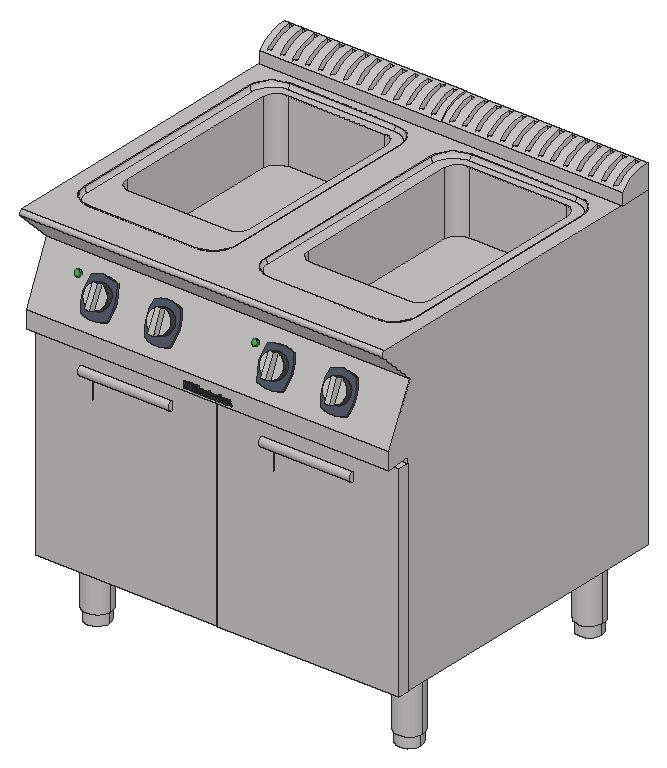
Revit family "QF_ELECTROLUXPROFESSIONAL_371353_E7OOBDBAME", category Specialty Equipment, Revit 2018
Family settings
  Round Connector Dimension = Use Diameter
  Part Type = Normal
  Work Plane-Based = No
  Always vertical = Yes
  Cut with Voids When Loaded = No
  Shared = No
  Room Calculation Point = No
Parameters (values of type "Standard")
  Weight = 50.00 kg
  Watts = 0 W
  Volts = 380 V
  URL Manufacturer = "http://professional.electrolux.com"
  URL = "http://professional.electrolux.com"
  Steam Supply Size = 0"
  Steam Supply Minimum Pressure = 0.00 psi
  Steam Supply Maximum Pressure = 0.00 psi
  Steam Pounds per Hour = 0
  Show Logo [instance] = yes
  Show Clearance [instance] = yes
  Refrigeration Suction Line Size = 0 mm
  Refrigeration Liquid Line Size = 0 mm
  Refrigerant Compressor Remote = yes
  Phase = 3
  Model = "E7OOBDBAME"
  Manufacturer = "Electrolux Professional"
  Length Actual = 800 mm  # constant formula
  Item Number = "371353"
  Hot Water Size = 0"
  Height Actual = 850 mm  # constant formula
  HP = "16.1 HP"
  Gas Size = 0"
  Gas KW = 0
  Gas Input Pressure = 0.0 Btu/h
  Direct Waste Size = 1"
  Description = "2-WELL EL. PASTA COOKER 2X24,5 LT 800MM (AUS)"
  Depth Actual = 730 mm  # constant formula
  Cycle = 50 Hz
  Condensate Return Size = 0"
  Compressed Air Volume = 0 GPM
  Compressed Air Size = 0"
  Compressed Air Pressure = 0.00 psi
  Cold Water Size = 1/2"
  Accessory = yes
Reference planes
  plane 1 "BACK": y = 0
  plane 2: z = 0
  plane 3 "LEFT": x = 0
  plane 4 "RIGHT": x = 800
  plane 5 "FRONT": y = -730
  plane 6 "TOP": z = 905.238
  plane 7 "Center Y": x = 400
  plane 8 "Center X": y = -365
  plane 9 "BASE": z = 601
  plane 10 "TOP A": z = 850.238
  plane 11: y = -597.884
  plane 12: y = -147.637
  plane 13: z = 942.313
  plane 14: z = 150
Forms (mm)
  Extrusion 1, solid, material "QF_Finishes_Stainless Steel"
    sketch origin (0, 0, 0) x (0, 1, 0) y (0, 0, 1)
      loop
        line (0, 850.237) -> (-725.027, 850.237)
        arc (-725.027, 850.237) -> (-730.893, 846.318) -> (-729.517, 839.397) r 6.35
        line (-729.517, 839.397) -> (-657.416, 767.047) -> (-713.522, 646.19) -> (-713.522, 608.09) -> (-660.4, 613.7) -> (-660.4, 150) -> (0, 150) -> (0, 850.237)
      loop
        line (-661.987, 601) -> (-687.387, 601) -> (-687.387, 150) -> (-661.987, 150) -> (-661.987, 601)
    from 0 to 800
  Extrusion 2, solid, material "QF_Finishes_Stainless Steel"
    sketch origin (0, 0, 0) x (0, 1, 0) y (0, 0, 1)
      loop
        line (0, 850.237) -> (0, 905.237)
        arc (0, 905.237) -> (-38.078, 897.879) -> (-69.85, 875.637) r 93.057
        line (-69.85, 875.637) -> (-69.85, 850.237) -> (0, 850.237)
    from 0 to 800
  Extrusion 3, void
    sketch origin (0, 0, 850.238) x (-1, 0, 0) y (0, -1, 0)
      loop
        arc (-316.662, 645.265) -> (-352.018, 630.62) -> (-366.662, 595.265) r 50
        line (-366.662, 595.265) -> (-366.662, 140.124)
        arc (-366.662, 140.124) -> (-352.018, 104.769) -> (-316.662, 90.124) r 50
        line (-316.662, 90.124) -> (-83.338, 90.124)
        arc (-83.338, 90.124) -> (-47.982, 104.769) -> (-33.338, 140.124) r 50
        line (-33.338, 140.124) -> (-33.338, 595.265)
        arc (-33.338, 595.265) -> (-47.982, 630.62) -> (-83.338, 645.265) r 50
        line (-83.338, 645.265) -> (-316.662, 645.265)
      loop
        line (-483.337, 645.265) -> (-716.662, 645.265)
        arc (-716.662, 645.265) -> (-752.018, 630.62) -> (-766.662, 595.265) r 50
        line (-766.662, 595.265) -> (-766.662, 140.124)
        arc (-766.662, 140.124) -> (-752.018, 104.769) -> (-716.662, 90.124) r 50
        line (-716.662, 90.124) -> (-483.337, 90.124)
        arc (-483.337, 90.124) -> (-447.982, 104.769) -> (-433.337, 140.124) r 50
        line (-433.337, 140.124) -> (-433.337, 595.265)
        arc (-433.337, 595.265) -> (-447.982, 630.62) -> (-483.337, 645.265) r 50
    from 0 to -152.4
  Extrusion 4, void
    sketch origin (0, 0, 850.238) x (-1, 0, 0) y (0, -1, 0)
      loop
        line (-13.453, 6.761) -> (-13.453, 63.911) -> (-22.749, 63.911) -> (-22.749, 6.761) -> (-13.453, 6.761)
    from 25.4 to 63.5
  Extrusion 5, solid, material "QF_Finishes_Navy Blue"
    sketch origin (75, -713.522, 646.19) x (0, 0.421077, 0.907025) y (-1, 0, 0)
      loop
        arc (101.077, -565.788) -> (66.2, -558.771) -> (31.333, -565.832) r 89.894
        arc (31.333, -565.832) -> (24.638, -594.363) -> (31.333, -622.893) r 64.14
        arc (31.333, -622.893) -> (66.2, -629.955) -> (101.077, -622.938) r 89.894
        arc (101.077, -622.938) -> (107.792, -594.363) -> (101.077, -565.788) r 64.16
      loop
        arc (101.077, -176.921) -> (66.2, -169.907) -> (31.333, -176.965) r 89.935
        arc (31.333, -176.965) -> (24.618, -205.54) -> (31.333, -234.115) r 64.16
        arc (31.333, -234.115) -> (66.2, -241.17) -> (101.077, -234.16) r 89.976
        arc (101.077, -234.16) -> (107.812, -205.54) -> (101.077, -176.921) r 64.179
      loop
        arc (101.077, -425.788) -> (66.2, -418.771) -> (31.333, -425.832) r 89.894
        arc (31.333, -425.832) -> (24.638, -454.363) -> (31.333, -482.893) r 64.14
        arc (31.333, -482.893) -> (66.2, -489.955) -> (101.077, -482.938) r 89.894
        arc (101.077, -482.938) -> (107.792, -454.363) -> (101.077, -425.788) r 64.16
      loop
        arc (101.077, -36.921) -> (66.2, -29.904) -> (31.333, -36.965) r 89.894
        arc (31.333, -36.965) -> (24.638, -65.496) -> (31.333, -94.027) r 64.14
        arc (31.333, -94.027) -> (66.2, -101.092) -> (101.077, -94.071) r 89.853
        arc (101.077, -94.071) -> (107.792, -65.496) -> (101.077, -36.921) r 64.16
    from 0 to 3.175
  Extrusion 6, solid, material "QF_Finishes_Stainless Steel"
    sketch origin (75, -716.402, 647.527) x (0, 0.421077, 0.907025) y (-1, 0, 0)
      loop
        circle (68.826, -594.351) r 25.4
      loop
        circle (68.826, -205.413) r 25.4
      loop
        circle (68.826, -454.351) r 25.4
      loop
        circle (68.826, -65.528) r 25.4
    from 0 to 12.7
  Extrusion 7, solid, material "QF_Finishes_Stainless Steel"
    sketch origin (75, -727.921, 652.875) x (0, 0.421077, 0.907025) y (-1, 0, 0)
      loop
        arc (93.558, -600.137) -> (94.226, -594.351) -> (93.558, -588.564) r 25.4
        line (93.558, -588.564) -> (44.094, -588.564)
        arc (44.094, -588.564) -> (43.426, -594.351) -> (44.094, -600.137) r 25.4
        line (44.094, -600.137) -> (93.558, -600.137)
      loop
        arc (93.558, -211.199) -> (94.226, -205.413) -> (93.558, -199.627) r 25.4
        line (93.558, -199.627) -> (44.094, -199.627)
        arc (44.094, -199.627) -> (43.426, -205.413) -> (44.094, -211.199) r 25.4
        line (44.094, -211.199) -> (93.558, -211.199)
      loop
        arc (93.558, -460.137) -> (94.226, -454.351) -> (93.558, -448.564) r 25.4
        line (93.558, -448.564) -> (44.094, -448.564)
        arc (44.094, -448.564) -> (43.426, -454.351) -> (44.094, -460.137) r 25.4
        line (44.094, -460.137) -> (93.558, -460.137)
      loop
        arc (93.558, -71.314) -> (94.226, -65.528) -> (93.558, -59.742) r 25.4
        line (93.558, -59.742) -> (44.094, -59.742)
        arc (44.094, -59.742) -> (43.426, -65.528) -> (44.094, -71.314) r 25.4
        line (44.094, -71.314) -> (93.558, -71.314)
    from 0 to 12.7
  Extrusion 8, solid, material "QF_Finishes_Green"
    sketch origin (-55, -713.522, 646.19) x (0, 0.421077, 0.907025) y (-1, 0, 0)
      loop
        circle (93.566, -530.485) r 6.35
      loop
        circle (93.566, -138.473) r 6.35
    from 0 to 3.175
  Extrusion 9, solid, material "QF_Finishes_Clearance", visible <- "Show Clearance", detail levels coarse
    sketch origin (0, 0, 0) x (1, 0, 0) y (0, 1, 0)
      loop
        line (0, -731.377) -> (0, 0) -> (800, 0) -> (800, -731.377) -> (950.019, -731.377) -> (950.019, 150.019) -> (-150.019, 150.019) -> (-150.019, -731.377) -> (0, -731.377)
    from 0 to 905.237
  Extrusion 10, void
    sketch origin (361.95, 0, 850.237) x (-1, 0, 0) y (0, -1, 0)
      loop
        line (-13.403, 6.761) -> (-13.403, 63.911) -> (-22.699, 63.911) -> (-22.699, 6.761) -> (-13.403, 6.761)
    from 25.4 to 63.5
  Extrusion 11, void
    sketch origin (27.842, 0, 850.238) x (-1, 0, 0) y (0, -1, 0)
      loop
        line (-13.453, 6.761) -> (-13.453, 63.911) -> (-22.749, 63.911) -> (-22.749, 6.761) -> (-13.453, 6.761)
    from 25.4 to 63.5
  Extrusion 12, void
    sketch origin (55.685, 0, 850.238) x (-1, 0, 0) y (0, -1, 0)
      loop
        line (-13.453, 6.761) -> (-13.453, 63.911) -> (-22.749, 63.911) -> (-22.749, 6.761) -> (-13.453, 6.761)
    from 25.4 to 63.5
  Extrusion 13, void
    sketch origin (83.527, 0, 850.238) x (-1, 0, 0) y (0, -1, 0)
      loop
        line (-13.453, 6.761) -> (-13.453, 63.911) -> (-22.749, 63.911) -> (-22.749, 6.761) -> (-13.453, 6.761)
    from 25.4 to 63.5
  Extrusion 14, void
    sketch origin (111.369, 0, 850.237) x (-1, 0, 0) y (0, -1, 0)
      loop
        line (-13.453, 6.761) -> (-13.453, 63.911) -> (-22.749, 63.911) -> (-22.749, 6.761) -> (-13.453, 6.761)
    from 25.4 to 63.5
  Extrusion 15, void
    sketch origin (139.212, 0, 850.237) x (-1, 0, 0) y (0, -1, 0)
      loop
        line (-13.453, 6.761) -> (-13.453, 63.911) -> (-22.749, 63.911) -> (-22.749, 6.761) -> (-13.453, 6.761)
    from 25.4 to 63.5
  Extrusion 16, void
    sketch origin (167.054, 0, 850.237) x (-1, 0, 0) y (0, -1, 0)
      loop
        line (-13.453, 6.761) -> (-13.453, 63.911) -> (-22.749, 63.911) -> (-22.749, 6.761) -> (-13.453, 6.761)
    from 25.4 to 63.5
  Extrusion 17, void
    sketch origin (194.896, 0, 850.237) x (-1, 0, 0) y (0, -1, 0)
      loop
        line (-13.403, 6.761) -> (-13.403, 63.911) -> (-22.699, 63.911) -> (-22.699, 6.761) -> (-13.403, 6.761)
    from 25.4 to 63.5
  Extrusion 18, void
    sketch origin (222.738, 0, 850.237) x (-1, 0, 0) y (0, -1, 0)
      loop
        line (-13.403, 6.761) -> (-13.403, 63.911) -> (-22.699, 63.911) -> (-22.699, 6.761) -> (-13.403, 6.761)
    from 25.4 to 63.5
  Extrusion 19, void
    sketch origin (250.581, 0, 850.237) x (-1, 0, 0) y (0, -1, 0)
      loop
        line (-13.403, 6.761) -> (-13.403, 63.911) -> (-22.699, 63.911) -> (-22.699, 6.761) -> (-13.403, 6.761)
    from 25.4 to 63.5
  Extrusion 20, void
    sketch origin (278.423, 0, 850.237) x (-1, 0, 0) y (0, -1, 0)
      loop
        line (-13.403, 6.761) -> (-13.403, 63.911) -> (-22.699, 63.911) -> (-22.699, 6.761) -> (-13.403, 6.761)
    from 25.4 to 63.5
  Extrusion 21, void
    sketch origin (306.265, 0, 850.237) x (-1, 0, 0) y (0, -1, 0)
      loop
        line (-13.403, 6.761) -> (-13.403, 63.911) -> (-22.699, 63.911) -> (-22.699, 6.761) -> (-13.403, 6.761)
    from 25.4 to 63.5
  Extrusion 22, void
    sketch origin (334.108, 0, 850.237) x (-1, 0, 0) y (0, -1, 0)
      loop
        line (-13.403, 6.761) -> (-13.403, 63.911) -> (-22.699, 63.911) -> (-22.699, 6.761) -> (-13.403, 6.761)
    from 25.4 to 63.5
  Extrusion 23, void
    sketch origin (800.1, 0, 850.237) x (1, 0, 0) y (0, 1, 0)
      loop
        line (-13.553, -6.761) -> (-22.849, -6.761) -> (-22.849, -63.911) -> (-13.553, -63.911) -> (-13.553, -6.761)
    from 25.4 to 63.5
  Extrusion 24, void
    sketch origin (438.15, 0, 850.237) x (1, 0, 0) y (0, 1, 0)
      loop
        line (-13.503, -6.761) -> (-22.799, -6.761) -> (-22.799, -63.911) -> (-13.503, -63.911) -> (-13.503, -6.761)
    from 25.4 to 63.5
  Extrusion 25, void
    sketch origin (772.258, 0, 850.237) x (1, 0, 0) y (0, 1, 0)
      loop
        line (-13.553, -6.761) -> (-22.849, -6.761) -> (-22.849, -63.911) -> (-13.553, -63.911) -> (-13.553, -6.761)
    from 25.4 to 63.5
  Extrusion 26, void
    sketch origin (744.415, 0, 850.237) x (1, 0, 0) y (0, 1, 0)
      loop
        line (-13.553, -6.761) -> (-22.849, -6.761) -> (-22.849, -63.911) -> (-13.553, -63.911) -> (-13.553, -6.761)
    from 25.4 to 63.5
  Extrusion 27, void
    sketch origin (716.573, 0, 850.237) x (1, 0, 0) y (0, 1, 0)
      loop
        line (-13.553, -6.761) -> (-22.849, -6.761) -> (-22.849, -63.911) -> (-13.553, -63.911) -> (-13.553, -6.761)
    from 25.4 to 63.5
  Extrusion 28, void
    sketch origin (688.731, 0, 850.237) x (1, 0, 0) y (0, 1, 0)
      loop
        line (-13.553, -6.761) -> (-22.849, -6.761) -> (-22.849, -63.911) -> (-13.553, -63.911) -> (-13.553, -6.761)
    from 25.4 to 63.5
  Extrusion 29, void
    sketch origin (660.888, 0, 850.237) x (1, 0, 0) y (0, 1, 0)
      loop
        line (-13.553, -6.761) -> (-22.849, -6.761) -> (-22.849, -63.911) -> (-13.553, -63.911) -> (-13.553, -6.761)
    from 25.4 to 63.5
  Extrusion 30, void
    sketch origin (633.046, 0, 850.237) x (1, 0, 0) y (0, 1, 0)
      loop
        line (-13.553, -6.761) -> (-22.849, -6.761) -> (-22.849, -63.911) -> (-13.553, -63.911) -> (-13.553, -6.761)
    from 25.4 to 63.5
  Extrusion 31, void
    sketch origin (605.204, 0, 850.237) x (1, 0, 0) y (0, 1, 0)
      loop
        line (-13.503, -6.761) -> (-22.799, -6.761) -> (-22.799, -63.911) -> (-13.503, -63.911) -> (-13.503, -6.761)
    from 25.4 to 63.5
  Extrusion 32, void
    sketch origin (577.362, 0, 850.237) x (1, 0, 0) y (0, 1, 0)
      loop
        line (-13.503, -6.761) -> (-22.799, -6.761) -> (-22.799, -63.911) -> (-13.503, -63.911) -> (-13.503, -6.761)
    from 25.4 to 63.5
  Extrusion 33, void
    sketch origin (549.519, 0, 850.237) x (1, 0, 0) y (0, 1, 0)
      loop
        line (-13.503, -6.761) -> (-22.799, -6.761) -> (-22.799, -63.911) -> (-13.503, -63.911) -> (-13.503, -6.761)
    from 25.4 to 63.5
  Extrusion 34, void
    sketch origin (521.677, 0, 850.237) x (1, 0, 0) y (0, 1, 0)
      loop
        line (-13.503, -6.761) -> (-22.799, -6.761) -> (-22.799, -63.911) -> (-13.503, -63.911) -> (-13.503, -6.761)
    from 25.4 to 63.5
  Extrusion 35, void
    sketch origin (493.835, 0, 850.237) x (1, 0, 0) y (0, 1, 0)
      loop
        line (-13.503, -6.761) -> (-22.799, -6.761) -> (-22.799, -63.911) -> (-13.503, -63.911) -> (-13.503, -6.761)
    from 25.4 to 63.5
  Extrusion 36, void
    sketch origin (465.992, 0, 850.237) x (1, 0, 0) y (0, 1, 0)
      loop
        line (-13.503, -6.761) -> (-22.799, -6.761) -> (-22.799, -63.911) -> (-13.503, -63.911) -> (-13.503, -6.761)
    from 25.4 to 63.5
  Extrusion 37, void
    sketch origin (418.151, 0, 850.237) x (1, 0, 0) y (0, 1, 0)
      loop
        line (-16.563, 0) -> (-19.738, 0) -> (-19.738, -69.85) -> (-16.563, -69.85) -> (-16.563, 0)
    from 25.4 to 63.5
  Extrusion 38, void
    sketch origin (0, -660.4, 601) x (0, 0, 1) y (-1, 0, 0)
      loop
        line (0, -398.363) -> (-451, -398.363) -> (-451, -401.538) -> (0, -401.538) -> (0, -398.363)
    from 0 to 27
  Extrusion 39, void
    sketch origin (200.025, 0, 0) x (0, 1, 0) y (0, 0, 1)
      loop
        line (-687.137, 541) -> (-687.137, 499.788) -> (-672.137, 541) -> (-687.137, 541)
    from -75 to 75
  Extrusion 40, solid, material "QF_Finishes_Stainless Steel"
    sketch origin (200.025, 0, 0) x (0, 1, 0) y (0, 0, 1)
      loop
        line (-687.137, 541) -> (-687.137, 561)
        arc (-687.137, 561) -> (-697.137, 551) -> (-687.137, 541) r 10
    from -100 to 100
  Extrusion 41, void
    sketch origin (600.075, 0, 0) x (0, 1, 0) y (0, 0, -1)
      loop
        line (-687.137, -541) -> (-672.137, -541) -> (-687.137, -499.788) -> (-687.137, -541)
    from -75 to 75
  Extrusion 42, solid, material "QF_Finishes_Stainless Steel"
    sketch origin (600.075, 0, 0) x (0, 1, 0) y (0, 0, -1)
      loop
        arc (-687.137, -541) -> (-697.137, -551) -> (-687.137, -561) r 10
        line (-687.137, -561) -> (-687.137, -541)
    from -100 to 100
  Revolve 43, solid, material "QF_Finishes_Stainless Steel"
    sketch origin (0, -587.387, 608.09) x (0, 0, 1) y (-1, 0, 0)
      loop
        line (-608.09, -56) -> (-458.09, -56) -> (-458.09, -26) -> (-583.09, -26) -> (-583.09, -29.75) -> (-608.09, -29.75) -> (-608.09, -56)
      axis (-608.09, -56) -> (-458.09, -56)
    angle from 0 to 360
  Revolve 44, solid, material "QF_Finishes_Stainless Steel"
    sketch origin (0, -90, 608.09) x (0, 0, 1) y (-1, 0, 0)
      loop
        line (-608.09, -56) -> (-458.09, -56) -> (-458.09, -26) -> (-583.09, -26) -> (-583.09, -29.75) -> (-608.09, -29.75) -> (-608.09, -56)
      axis (-608.09, -56) -> (-458.09, -56)
    angle from 0 to 360
  Revolve 45, solid, material "QF_Finishes_Stainless Steel"
    sketch origin (800.1, -587.387, 608.09) x (0, 0, 1) y (-1, 0, 0)
      loop
        line (-608.09, 56.1) -> (-608.09, 29.85) -> (-583.09, 29.85) -> (-583.09, 26.1) -> (-458.09, 26.1) -> (-458.09, 56.1) -> (-608.09, 56.1)
      axis (-608.09, 56.1) -> (-458.09, 56.1)
    angle from 0 to 360
  Revolve 46, solid, material "QF_Finishes_Stainless Steel"
    sketch origin (800.1, -90, 608.09) x (0, 0, 1) y (-1, 0, 0)
      loop
        line (-608.09, 56.1) -> (-608.09, 29.85) -> (-583.09, 29.85) -> (-583.09, 26.1) -> (-458.09, 26.1) -> (-458.09, 56.1) -> (-608.09, 56.1)
      axis (-608.09, 56.1) -> (-458.09, 56.1)
    angle from 0 to 360
  Extrusion 47, solid, material "QF_Finishes_Door Clearance", visible <- "Show Clearance", detail levels coarse
    sketch origin (0, 0, 850.238) x (-1, 0, 0) y (0, -1, 0)
      loop
        arc (-401.587, 687.137) -> (-518.28, 968.858) -> (-800, 1085.55) r 398.413
        line (-800, 1085.55) -> (-800, 687.137) -> (-401.587, 687.137)
      loop
        line (-398.412, 687.138) -> (0, 687.137) -> (0, 1085.55)
        arc (0, 1085.55) -> (-281.72, 968.858) -> (-398.412, 687.138) r 398.412
    from -700.237 to -249.237
  Extrusion 48, solid, material "QF_Finishes_Stainless Steel"
    sketch origin (-77.88, -4572, 150) x (-1, 0, 0) y (0, -1, 0)
      loop
        circle (-676.88, -4201) r 12.7
      loop
        circle (-709.88, -3991) r 12.7
      loop
        circle (-812.88, -4071) r 6.35
    from 0 to -12.7
  Extrusion 49, solid, material "QF_Finishes_Stainless Steel"
    sketch origin (-77.88, -4572, 850.238) x (-1, 0, 0) y (0, -1, 0)
      loop
        line (-111.217, -4431.876) -> (-111.217, -3976.735)
        arc (-111.217, -3976.735) -> (-125.862, -3941.38) -> (-161.217, -3926.735) r 50
        line (-161.217, -3926.735) -> (-394.542, -3926.735)
        arc (-394.542, -3926.735) -> (-429.897, -3941.38) -> (-444.542, -3976.735) r 50
        line (-444.542, -3976.735) -> (-444.542, -4431.876)
        arc (-444.542, -4431.876) -> (-429.897, -4467.231) -> (-394.542, -4481.876) r 50
        line (-394.542, -4481.876) -> (-161.217, -4481.876)
        arc (-161.217, -4481.876) -> (-125.862, -4467.231) -> (-111.217, -4431.876) r 50
      loop
        arc (-414.542, -4431.876) -> (-405.755, -4453.089) -> (-384.542, -4461.876) r 30
        line (-384.542, -4461.876) -> (-171.217, -4461.876)
        arc (-171.217, -4461.876) -> (-150.004, -4453.089) -> (-141.217, -4431.876) r 30
        line (-141.217, -4431.876) -> (-141.217, -4056.735)
        arc (-141.217, -4056.735) -> (-150.004, -4035.522) -> (-171.217, -4026.735) r 30
        line (-171.217, -4026.735) -> (-384.542, -4026.735)
        arc (-384.542, -4026.735) -> (-405.755, -4035.522) -> (-414.542, -4056.735) r 30
        line (-414.542, -4056.735) -> (-414.542, -4431.876)
      loop
        arc (-844.542, -4431.876) -> (-829.897, -4467.231) -> (-794.542, -4481.876) r 50
        line (-794.542, -4481.876) -> (-561.217, -4481.876)
        arc (-561.217, -4481.876) -> (-525.862, -4467.231) -> (-511.217, -4431.876) r 50
        line (-511.217, -4431.876) -> (-511.217, -3976.735)
        arc (-511.217, -3976.735) -> (-525.862, -3941.38) -> (-561.217, -3926.735) r 50
        line (-561.217, -3926.735) -> (-794.542, -3926.735)
        arc (-794.542, -3926.735) -> (-829.897, -3941.38) -> (-844.542, -3976.735) r 50
        line (-844.542, -3976.735) -> (-844.542, -4431.876)
      loop
        line (-541.217, -4431.876) -> (-541.217, -4056.735)
        arc (-541.217, -4056.735) -> (-550.004, -4035.522) -> (-571.217, -4026.735) r 30
        line (-571.217, -4026.735) -> (-784.542, -4026.735)
        arc (-784.542, -4026.735) -> (-805.755, -4035.522) -> (-814.542, -4056.735) r 30
        line (-814.542, -4056.735) -> (-814.542, -4431.876)
        arc (-814.542, -4431.876) -> (-805.755, -4453.089) -> (-784.542, -4461.876) r 30
        line (-784.542, -4461.876) -> (-571.217, -4461.876)
        arc (-571.217, -4461.876) -> (-550.004, -4453.089) -> (-541.217, -4431.876) r 30
    from -12.7 to -152.4
  Sweep 50, solid, material "QF_Finishes_Stainless Steel"
    path origin (-77.88, -4572, 850.238) x (-1, 0, 0) y (0, -1, 0)
      loop
        line (-111.217, -4431.876) -> (-111.217, -3976.735)
        arc (-111.217, -3976.735) -> (-125.862, -3941.38) -> (-161.217, -3926.735) r 50
        line (-161.217, -3926.735) -> (-394.542, -3926.735)
        arc (-394.542, -3926.735) -> (-429.897, -3941.38) -> (-444.542, -3976.735) r 50
        line (-444.542, -3976.735) -> (-444.542, -4431.876)
        arc (-444.542, -4431.876) -> (-429.897, -4467.231) -> (-394.542, -4481.876) r 50
        line (-394.542, -4481.876) -> (-161.217, -4481.876)
        arc (-161.217, -4481.876) -> (-125.862, -4467.231) -> (-111.217, -4431.876) r 50
    profile origin (33.338, -367.694, 850.238) x (1, 0, 0) y (0, 0, 1)
      loop
        line (0, 0) -> (0, -10.84) -> (5.055, -10.84)
        arc (5.055, -10.84) -> (1.326, -5.98) -> (0, 0) r 14.151
  Sweep 51, solid, material "QF_Finishes_Stainless Steel"
    path origin (877.98, -4572, 850.237) x (1, 0, 0) y (0, 1, 0)
      loop
        arc (-111.317, 4431.876) -> (-125.962, 4467.231) -> (-161.317, 4481.876) r 50
        line (-161.317, 4481.876) -> (-394.642, 4481.876)
        arc (-394.642, 4481.876) -> (-429.997, 4467.231) -> (-444.642, 4431.876) r 50
        line (-444.642, 4431.876) -> (-444.642, 3976.735)
        arc (-444.642, 3976.735) -> (-429.997, 3941.38) -> (-394.642, 3926.735) r 50
        line (-394.642, 3926.735) -> (-161.317, 3926.735)
        arc (-161.317, 3926.735) -> (-125.962, 3941.38) -> (-111.317, 3976.735) r 50
        line (-111.317, 3976.735) -> (-111.317, 4431.876)
    profile origin (766.662, -367.694, 850.237) x (1, 0, 0) y (0, 0, 1)
      loop
        arc (0, 0) -> (-1.326, -5.98) -> (-5.055, -10.84) r 14.151
        line (-5.055, -10.84) -> (0, -10.84) -> (0, 0)
  Extrusion 52, solid, material "QF_Finishes_Navy Blue", visible <- "Show Logo"
    sketch origin (60.791, -713.772, 608.09) x (0, 0, 1) y (-1, 0, 0)
      loop
        line (20.674, -296.698) -> (8.307, -296.698)
        arc (8.307, -296.698) -> (14.491, -301.27) -> (20.674, -296.698) r 6.467
      loop
        arc (20.674, -296.069) -> (19.505, -290.926) -> (14.849, -288.448) r 6.338
        line (14.849, -288.448) -> (14.849, -290.494)
        arc (14.849, -290.494) -> (16.333, -294.149) -> (19.778, -296.069) r 5.941
        line (19.778, -296.069) -> (20.674, -296.069)
      loop
        arc (9.203, -296.069) -> (12.648, -294.149) -> (14.132, -290.494) r 5.941
        line (14.132, -290.494) -> (14.132, -288.448)
        arc (14.132, -288.448) -> (9.438, -290.922) -> (8.148, -296.069) r 6.504
        line (8.148, -296.069) -> (9.203, -296.069)
      loop
        line (21.349, -287.979) -> (7.604, -287.979) -> (7.604, -301.742) -> (21.349, -301.742) -> (21.349, -287.979)
      loop
        arc (21.432, -304.71) -> (21.085, -304.352) -> (20.718, -304.69) r 0.358
        arc (20.718, -304.69) -> (20.404, -305.44) -> (19.687, -305.825) r 1.216
        line (19.687, -305.825) -> (9.274, -305.825)
        arc (9.274, -305.825) -> (8.614, -305.548) -> (8.218, -304.951) r 1.238
        arc (8.218, -304.951) -> (7.823, -304.7) -> (7.518, -305.054) r 0.358
        line (7.518, -305.054) -> (7.518, -314.933) -> (10.269, -314.933) -> (10.269, -314.036)
        arc (10.269, -314.036) -> (9.36, -313.456) -> (8.904, -312.479) r 1.928
        line (8.904, -312.479) -> (8.904, -309.98)
        arc (8.904, -309.98) -> (9.18, -309.251) -> (9.868, -308.887) r 1.101
        line (9.868, -308.887) -> (13.955, -308.887) -> (13.955, -312.561)
        arc (13.955, -312.561) -> (13.602, -313.058) -> (13.037, -313.286) r 1.083
        arc (13.037, -313.286) -> (12.773, -313.591) -> (13.065, -313.869) r 0.292
        line (13.065, -313.869) -> (16.028, -313.869)
        arc (16.028, -313.869) -> (16.33, -313.596) -> (16.092, -313.266) r 0.305
        arc (16.092, -313.266) -> (15.601, -313.018) -> (15.296, -312.561) r 1.083
        line (15.296, -312.561) -> (15.296, -308.887) -> (19.973, -308.887) -> (19.973, -312.635)
        arc (19.973, -312.635) -> (19.759, -313.39) -> (19.153, -313.888) r 1.314
        arc (19.153, -313.888) -> (18.934, -314.292) -> (19.288, -314.585) r 0.361
        line (19.288, -314.585) -> (21.432, -314.585) -> (21.432, -304.71)
      loop
        arc (20.715, -315.365) -> (20.335, -316.284) -> (19.416, -316.664) r 1.299
        line (19.416, -316.664) -> (9.837, -316.664)
        arc (9.837, -316.664) -> (8.999, -316.286) -> (8.728, -315.408) r 1.118
        line (8.728, -315.408) -> (7.518, -315.408) -> (7.518, -320.758) -> (8.706, -320.758)
        arc (8.706, -320.758) -> (8.978, -319.841) -> (9.848, -319.445) r 1.153
        line (9.848, -319.445) -> (21.92, -319.445) -> (20.715, -315.365)
      loop
        line (12.483, -323.394) -> (12.483, -329.842) -> (13.282, -329.842)
        arc (13.282, -329.842) -> (15.862, -328.857) -> (17.131, -326.404) r 3.874
        line (17.131, -326.404) -> (17.131, -324.643)
        arc (17.131, -324.643) -> (15.944, -321.778) -> (13.08, -320.592) r 4.051
        line (13.08, -320.592) -> (11.072, -320.592)
        arc (11.072, -320.592) -> (8.253, -322.077) -> (7.202, -325.084) r 4.352
        arc (7.202, -325.084) -> (7.566, -327.547) -> (8.943, -329.621) r 5.713
        line (8.943, -329.621) -> (9.892, -329.621)
        arc (9.892, -329.621) -> (9.16, -328.052) -> (8.943, -326.334) r 5.579
        arc (8.943, -326.334) -> (9.737, -324.371) -> (11.616, -323.394) r 3.057
        line (11.616, -323.394) -> (12.483, -323.394)
      loop
        line (13.742, -323.394) -> (13.742, -326.977)
        arc (13.742, -326.977) -> (15.199, -327.024) -> (16.082, -325.864) r 1.59
        line (16.082, -325.864) -> (16.082, -325.034)
        arc (16.082, -325.034) -> (15.217, -323.779) -> (13.742, -323.394) r 2.184
      loop
        arc (16.533, -339.259) -> (17.022, -337.585) -> (17.179, -335.848) r 9.023
        line (17.179, -335.848) -> (17.179, -334.486)
        arc (17.179, -334.486) -> (16.02, -331.686) -> (13.22, -330.527) r 3.959
        line (13.22, -330.527) -> (10.62, -330.527)
        arc (10.62, -330.527) -> (8.338, -331.819) -> (7.221, -334.192) r 4.331
        line (7.221, -334.192) -> (7.221, -336.327)
        arc (7.221, -336.327) -> (7.729, -337.877) -> (8.651, -339.223) r 5.772
        arc (8.651, -339.223) -> (9.412, -339.274) -> (9.499, -338.515) r 0.553
        arc (9.499, -338.515) -> (9.111, -337.781) -> (8.977, -336.962) r 2.573
        line (8.977, -336.962) -> (8.977, -335.447)
        arc (8.977, -335.447) -> (9.983, -333.806) -> (11.798, -333.163) r 2.884
        line (11.798, -333.163) -> (13.077, -333.163)
        arc (13.077, -333.163) -> (14.898, -333.723) -> (15.824, -335.388) r 2.554
        line (15.824, -335.388) -> (15.824, -336.441)
        arc (15.824, -336.441) -> (15.493, -337.369) -> (14.836, -338.104) r 2.564
        arc (14.836, -338.104) -> (14.614, -338.821) -> (15.223, -339.259) r 0.643
        line (15.223, -339.259) -> (16.533, -339.259)
      loop
        line (15.515, -339.53) -> (15.515, -341.031) -> (9.467, -341.031)
        arc (9.467, -341.031) -> (7.879, -341.688) -> (7.221, -343.276) r 2.246
        line (7.221, -343.276) -> (7.221, -344.86)
        arc (7.221, -344.86) -> (7.535, -345.725) -> (8.035, -346.496) r 4.06
        arc (8.035, -346.496) -> (8.768, -346.629) -> (9.019, -345.928) r 0.576
        arc (9.019, -345.928) -> (8.913, -345.403) -> (8.977, -344.87) r 1.69
        arc (8.977, -344.87) -> (9.519, -344.082) -> (10.425, -343.779) r 1.506
        line (10.425, -343.779) -> (15.563, -343.779) -> (15.563, -346.176) -> (16.119, -346.733) -> (16.941, -346.733) -> (16.941, -343.873) -> (20.172, -343.873) -> (15.515, -339.53)
      loop
        line (7.438, -347.63) -> (7.438, -353.017) -> (8.548, -353.017)
        arc (8.548, -353.017) -> (8.942, -352.066) -> (9.893, -351.672) r 1.345
        line (9.893, -351.672) -> (13.509, -351.672)
        arc (13.509, -351.672) -> (14.274, -352.264) -> (14.564, -353.186) r 1.615
        line (14.564, -353.186) -> (14.564, -354.742) -> (17.119, -355.427) -> (17.119, -354.044) -> (15.177, -351.485) -> (17.057, -351.485) -> (16.773, -348.779)
        arc (16.773, -348.779) -> (16.333, -348.249) -> (15.674, -348.45) r 0.621
        arc (15.674, -348.45) -> (15.274, -348.792) -> (14.78, -348.975) r 1.501
        line (14.78, -348.975) -> (9.893, -348.975)
        arc (9.893, -348.975) -> (8.942, -348.581) -> (8.548, -347.63) r 1.345
        line (8.548, -347.63) -> (7.438, -347.63)
      loop
        line (13.54, -354.964) -> (10.848, -354.964)
        arc (10.848, -354.964) -> (8.403, -356.272) -> (7.269, -358.803) r 4.288
        arc (7.269, -358.803) -> (7.205, -360.183) -> (7.269, -361.563) r 15.022
        arc (7.269, -361.563) -> (8.403, -364.094) -> (10.848, -365.401) r 4.288
        line (10.848, -365.401) -> (13.54, -365.401)
        arc (13.54, -365.401) -> (15.986, -364.094) -> (17.119, -361.563) r 4.288
        arc (17.119, -361.563) -> (17.183, -360.183) -> (17.119, -358.803) r 15.022
        arc (17.119, -358.803) -> (15.986, -356.272) -> (13.54, -354.964) r 4.288
      loop
        line (13.745, -358.078) -> (10.643, -358.078)
        arc (10.643, -358.078) -> (8.486, -360.235) -> (10.643, -362.392) r 2.157
        line (10.643, -362.392) -> (13.745, -362.392)
        arc (13.745, -362.392) -> (15.902, -360.235) -> (13.745, -358.078) r 2.157
      loop
        arc (20.726, -365.26) -> (20.355, -366.154) -> (19.461, -366.524) r 1.264
        line (19.461, -366.524) -> (9.597, -366.524)
        arc (9.597, -366.524) -> (8.727, -366.127) -> (8.455, -365.211) r 1.153
        line (8.455, -365.211) -> (7.518, -365.211) -> (7.518, -370.319) -> (8.446, -370.319)
        arc (8.446, -370.319) -> (8.805, -369.547) -> (9.597, -369.232) r 1.153
        line (9.597, -369.232) -> (21.92, -369.232) -> (20.726, -365.26)
      loop
        arc (15.846, -369.857) -> (15.647, -370.921) -> (14.678, -371.403) r 1.215
        line (14.678, -371.403) -> (9.658, -371.403)
        arc (9.658, -371.403) -> (8.043, -372.051) -> (7.322, -373.634) r 2.338
        line (7.322, -373.634) -> (7.322, -375.148)
        arc (7.322, -375.148) -> (7.497, -376.152) -> (7.999, -377.038) r 2.979
        line (7.999, -377.038) -> (7.518, -378.835) -> (7.518, -380.524) -> (16.943, -380.524) -> (16.649, -376.32) -> (15.863, -376.32)
        arc (15.863, -376.32) -> (15.507, -377.156) -> (14.755, -377.665) r 1.605
        line (14.755, -377.665) -> (9.652, -377.665)
        arc (9.652, -377.665) -> (9.232, -376.728) -> (9.159, -375.704) r 2.94
        arc (9.159, -375.704) -> (9.72, -374.603) -> (10.873, -374.16) r 1.724
        line (10.873, -374.16) -> (17.07, -374.16) -> (15.846, -369.857)
      loop
        line (16.874, -381.377) -> (15.202, -383.423) -> (12.028, -385.729) -> (8.572, -382.617)
        arc (8.572, -382.617) -> (8.335, -382.223) -> (8.357, -381.764) r 0.789
        line (8.357, -381.764) -> (7.518, -381.764) -> (7.518, -385.309) -> (8.344, -385.309)
        arc (8.344, -385.309) -> (8.686, -384.947) -> (9.176, -385.039) r 0.52
        line (9.176, -385.039) -> (10.976, -386.51) -> (8.858, -387.886)
        arc (8.858, -387.886) -> (8.457, -387.576) -> (8.37, -387.076) r 0.7
        line (8.37, -387.076) -> (7.518, -387.076) -> (7.518, -393.003) -> (8.405, -393.003)
        arc (8.405, -393.003) -> (8.472, -392.344) -> (8.866, -391.813) r 1.247
        line (8.866, -391.813) -> (13.066, -388.532) -> (15.513, -390.585) -> (16.874, -392.327) -> (16.874, -388.604) -> (15.389, -389.026) -> (13.868, -387.749) -> (15.568, -386.559) -> (16.874, -387.336) -> (16.874, -381.377)
    from 0 to 1.644
Cuts and joins
  Extrusion 3, Extrusion 4, Extrusion 38, Extrusion 39, Extrusion 41 cuts Extrusion 1
  Extrusion 4, Extrusion 10, Extrusion 11, Extrusion 12, Extrusion 13, Extrusion 14, Extrusion 15, Extrusion 16, Extrusion 17, Extrusion 18, Extrusion 19, Extrusion 20, Extrusion 21, Extrusion 22, Extrusion 23, Extrusion 24, Extrusion 25, Extrusion 26, Extrusion 27, Extrusion 28, Extrusion 29, Extrusion 30, Extrusion 31, Extrusion 32, Extrusion 33, Extrusion 34, Extrusion 35, Extrusion 36, Extrusion 37 cuts Extrusion 2
  joined: Extrusion 6, Extrusion 7
  Extrusion 10, Extrusion 11, Extrusion 12, Extrusion 13, Extrusion 14, Extrusion 15, Extrusion 16, Extrusion 17, Extrusion 18, Extrusion 19, Extrusion 20, Extrusion 21, Extrusion 22, Extrusion 23, Extrusion 24, Extrusion 25, Extrusion 26, Extrusion 27, Extrusion 28, Extrusion 29, Extrusion 30, Extrusion 31, Extrusion 32, Extrusion 33, Extrusion 34, Extrusion 35, Extrusion 36, Extrusion 37, Extrusion 39, Extrusion 41 cuts Extrusion 9
  Extrusion 39, Extrusion 41 cuts Extrusion 40
  Extrusion 41 cuts Extrusion 42
Lines and regions (mm)
  symbolic lines, style "QF-Clearances", visible <- "Show Clearance", detail levels coarse
    curve 1: line (-150.019, 150.019, 850.238) -> (-150.019, -731.377, 850.238)
    curve 2: line (950.019, 150.019, 850.237) -> (-150.019, 150.019, 850.238)
    curve 3: line (950.019, -731.377, 850.237) -> (950.019, 150.019, 850.237)
  symbolic lines
    curve 4: line (0, 0, 850.238) -> (800, 0, 850.237)
    curve 5: line (0, -730, 850.238) -> (0, 0, 850.238)
    curve 6: line (800, -730, 850.237) -> (0, -730, 850.238)
    curve 7: line (800, 0, 850.237) -> (800, -730, 850.237)
    curve 8: line (22.699, -6.761, 850.238) -> (22.699, -63.911, 850.238)
    curve 9: line (13.403, -63.911, 850.238) -> (13.403, -6.761, 850.238)
    curve 10: line (13.403, -6.761, 850.238) -> (22.699, -6.761, 850.238)
    curve 11: line (0, -69.85, 850.238) -> (398.413, -69.85, 850.237)
    curve 12: line (384.649, -6.761, 850.237) -> (384.649, -63.911, 850.237)
    curve 13: line (375.353, -63.911, 850.237) -> (375.353, -6.761, 850.237)
    curve 14: line (375.353, -6.761, 850.237) -> (384.649, -6.761, 850.237)
    curve 15: line (50.541, -6.761, 850.238) -> (50.541, -63.911, 850.238)
    curve 16: line (41.245, -63.911, 850.238) -> (41.245, -6.761, 850.238)
    curve 17: line (41.245, -6.761, 850.238) -> (50.541, -6.761, 850.238)
    curve 18: line (78.383, -6.761, 850.238) -> (78.383, -63.911, 850.238)
    curve 19: line (69.087, -63.911, 850.238) -> (69.087, -6.761, 850.238)
    curve 20: line (69.087, -6.761, 850.238) -> (78.383, -6.761, 850.238)
    curve 21: line (106.225, -6.761, 850.237) -> (106.225, -63.911, 850.237)
    curve 22: line (96.93, -63.911, 850.238) -> (96.93, -6.761, 850.238)
    curve 23: line (96.93, -6.761, 850.238) -> (106.225, -6.761, 850.237)
    curve 24: line (134.068, -6.761, 850.237) -> (134.068, -63.911, 850.237)
    curve 25: line (124.772, -63.911, 850.237) -> (124.772, -6.761, 850.237)
    curve 26: line (124.772, -6.761, 850.237) -> (134.068, -6.761, 850.237)
    curve 27: line (161.91, -6.761, 850.237) -> (161.91, -63.911, 850.237)
    curve 28: line (152.614, -63.911, 850.237) -> (152.614, -6.761, 850.237)
    curve 29: line (152.614, -6.761, 850.237) -> (161.91, -6.761, 850.237)
    curve 30: line (189.752, -6.761, 850.237) -> (189.752, -63.911, 850.237)
    curve 31: line (180.457, -63.911, 850.237) -> (180.457, -6.761, 850.237)
    curve 32: line (180.457, -6.761, 850.237) -> (189.752, -6.761, 850.237)
    curve 33: line (217.595, -6.761, 850.237) -> (217.595, -63.911, 850.237)
    curve 34: line (208.299, -63.911, 850.237) -> (208.299, -6.761, 850.237)
    curve 35: line (208.299, -6.761, 850.237) -> (217.595, -6.761, 850.237)
    curve 36: line (245.437, -6.761, 850.237) -> (245.437, -63.911, 850.237)
    curve 37: line (236.141, -63.911, 850.237) -> (236.141, -6.761, 850.237)
    curve 38: line (236.141, -6.761, 850.237) -> (245.437, -6.761, 850.237)
    curve 39: line (273.279, -6.761, 850.237) -> (273.279, -63.911, 850.237)
    curve 40: line (263.984, -63.911, 850.237) -> (263.984, -6.761, 850.237)
    curve 41: line (263.984, -6.761, 850.237) -> (273.279, -6.761, 850.237)
    curve 42: line (301.122, -6.761, 850.237) -> (301.122, -63.911, 850.237)
    curve 43: line (291.826, -63.911, 850.237) -> (291.826, -6.761, 850.237)
    curve 44: line (291.826, -6.761, 850.237) -> (301.122, -6.761, 850.237)
    curve 45: line (328.964, -6.761, 850.237) -> (328.964, -63.911, 850.237)
    curve 46: line (319.668, -63.911, 850.237) -> (319.668, -6.761, 850.237)
    curve 47: line (319.668, -6.761, 850.237) -> (328.964, -6.761, 850.237)
    curve 48: line (356.806, -6.761, 850.237) -> (356.806, -63.911, 850.237)
    curve 49: line (347.511, -63.911, 850.237) -> (347.511, -6.761, 850.237)
    curve 50: line (347.511, -6.761, 850.237) -> (356.806, -6.761, 850.237)
    curve 51: line (777.251, -6.761, 850.237) -> (777.251, -63.911, 850.237)
    curve 52: line (786.547, -63.911, 850.237) -> (786.547, -6.761, 850.237)
    curve 53: line (786.547, -6.761, 850.237) -> (777.251, -6.761, 850.237)
    curve 54: line (415.301, -6.761, 850.237) -> (415.301, -63.911, 850.237)
    curve 55: line (424.597, -63.911, 850.237) -> (424.597, -6.761, 850.237)
    curve 56: line (424.597, -6.761, 850.237) -> (415.301, -6.761, 850.237)
    curve 57: line (749.409, -6.761, 850.237) -> (749.409, -63.911, 850.237)
    curve 58: line (758.705, -63.911, 850.237) -> (758.705, -6.761, 850.237)
    curve 59: line (758.705, -6.761, 850.237) -> (749.409, -6.761, 850.237)
    curve 60: line (721.567, -6.761, 850.237) -> (721.567, -63.911, 850.237)
    curve 61: line (730.863, -63.911, 850.237) -> (730.863, -6.761, 850.237)
    curve 62: line (730.863, -6.761, 850.237) -> (721.567, -6.761, 850.237)
    curve 63: line (693.725, -6.761, 850.237) -> (693.725, -63.911, 850.237)
    curve 64: line (703.02, -63.911, 850.237) -> (703.02, -6.761, 850.237)
    curve 65: line (703.02, -6.761, 850.237) -> (693.725, -6.761, 850.237)
    curve 66: line (665.882, -6.761, 850.237) -> (665.882, -63.911, 850.237)
    curve 67: line (675.178, -63.911, 850.237) -> (675.178, -6.761, 850.237)
    curve 68: line (675.178, -6.761, 850.237) -> (665.882, -6.761, 850.237)
    curve 69: line (638.04, -6.761, 850.237) -> (638.04, -63.911, 850.237)
    curve 70: line (647.336, -63.911, 850.237) -> (647.336, -6.761, 850.237)
    curve 71: line (647.336, -6.761, 850.237) -> (638.04, -6.761, 850.237)
    curve 72: line (610.198, -6.761, 850.237) -> (610.198, -63.911, 850.237)
    curve 73: line (619.493, -63.911, 850.237) -> (619.493, -6.761, 850.237)
    curve 74: line (619.493, -6.761, 850.237) -> (610.198, -6.761, 850.237)
    curve 75: line (582.355, -6.761, 850.237) -> (582.355, -63.911, 850.237)
    curve 76: line (591.651, -63.911, 850.237) -> (591.651, -6.761, 850.237)
    curve 77: line (591.651, -6.761, 850.237) -> (582.355, -6.761, 850.237)
    curve 78: line (554.513, -6.761, 850.237) -> (554.513, -63.911, 850.237)
    curve 79: line (563.809, -63.911, 850.237) -> (563.809, -6.761, 850.237)
    curve 80: line (563.809, -6.761, 850.237) -> (554.513, -6.761, 850.237)
    curve 81: line (526.671, -6.761, 850.237) -> (526.671, -63.911, 850.237)
    curve 82: line (535.966, -63.911, 850.237) -> (535.966, -6.761, 850.237)
    curve 83: line (535.966, -6.761, 850.237) -> (526.671, -6.761, 850.237)
    curve 84: line (498.828, -6.761, 850.237) -> (498.828, -63.911, 850.237)
    curve 85: line (508.124, -63.911, 850.237) -> (508.124, -6.761, 850.237)
    curve 86: line (508.124, -6.761, 850.237) -> (498.828, -6.761, 850.237)
    curve 87: line (470.986, -6.761, 850.237) -> (470.986, -63.911, 850.237)
    curve 88: line (480.282, -63.911, 850.237) -> (480.282, -6.761, 850.237)
    curve 89: line (480.282, -6.761, 850.237) -> (470.986, -6.761, 850.237)
    curve 90: line (443.144, -6.761, 850.237) -> (443.144, -63.911, 850.237)
    curve 91: line (452.439, -63.911, 850.237) -> (452.439, -6.761, 850.237)
    curve 92: line (452.439, -6.761, 850.237) -> (443.144, -6.761, 850.237)
    curve 93: line (401.588, -69.85, 850.237) -> (401.588, 0, 850.237)
    curve 94: line (398.413, 0, 850.237) -> (398.413, -69.85, 850.237)
    curve 95: line (401.588, -69.85, 850.237) -> (800, -69.85, 850.237)
    curve 100: line (13.453, -63.911, 0) -> (22.749, -63.911, 0)
    curve 101: line (375.403, -63.911, 0) -> (384.699, -63.911, 0)
    curve 102: line (41.295, -63.911, 0) -> (50.591, -63.911, 0)
    curve 103: line (69.137, -63.911, 0) -> (78.433, -63.911, 0)
    curve 104: line (96.98, -63.911, 0) -> (106.275, -63.911, 0)
    curve 105: line (124.822, -63.911, 0) -> (134.118, -63.911, 0)
    curve 106: line (152.664, -63.911, 0) -> (161.96, -63.911, 0)
    curve 107: line (180.507, -63.911, 0) -> (189.802, -63.911, 0)
    curve 108: line (208.349, -63.911, 0) -> (217.645, -63.911, 0)
    curve 109: line (236.191, -63.911, 0) -> (245.487, -63.911, 0)
    curve 110: line (264.034, -63.911, 0) -> (273.329, -63.911, 0)
    curve 111: line (291.876, -63.911, 0) -> (301.172, -63.911, 0)
    curve 112: line (319.718, -63.911, 0) -> (329.014, -63.911, 0)
    curve 113: line (347.561, -63.911, 0) -> (356.856, -63.911, 0)
    curve 114: line (786.597, -63.911, 0) -> (777.301, -63.911, 0)
    curve 115: line (424.647, -63.911, 0) -> (415.351, -63.911, 0)
    curve 116: line (758.755, -63.911, 0) -> (749.459, -63.911, 0)
    curve 117: line (730.913, -63.911, 0) -> (721.617, -63.911, 0)
    curve 118: line (703.07, -63.911, 0) -> (693.775, -63.911, 0)
    curve 119: line (675.228, -63.911, 0) -> (665.932, -63.911, 0)
    curve 120: line (647.386, -63.911, 0) -> (638.09, -63.911, 0)
    curve 121: line (619.543, -63.911, 0) -> (610.248, -63.911, 0)
    curve 122: line (591.701, -63.911, 0) -> (582.405, -63.911, 0)
    curve 123: line (563.859, -63.911, 0) -> (554.563, -63.911, 0)
    curve 124: line (536.016, -63.911, 0) -> (526.721, -63.911, 0)
    curve 125: line (508.174, -63.911, 0) -> (498.878, -63.911, 0)
    curve 126: line (480.332, -63.911, 0) -> (471.036, -63.911, 0)
    curve 127: line (452.489, -63.911, 0) -> (443.194, -63.911, 0)
    curve 128: line (366.662, -595.265, 850.237) -> (366.662, -140.124, 850.237)
    curve 129: arc (366.663, -140.124, 850.237) -> (352.018, -104.769, 850.237) -> (316.663, -90.124, 850.237) r 50
    curve 130: line (316.663, -90.124, 850.237) -> (83.288, -90.124, 850.238)
    curve 131: arc (83.288, -90.124, 850.238) -> (47.968, -104.754, 850.238) -> (33.338, -140.074, 850.238) r 49.95
    curve 132: line (33.338, -140.074, 850.238) -> (33.338, -595.265, 850.238)
    curve 133: arc (33.338, -595.265, 850.238) -> (47.982, -630.62, 850.238) -> (83.338, -645.265, 850.238) r 50
    curve 134: line (83.338, -645.265, 850.238) -> (316.662, -645.265, 850.237)
    curve 135: arc (316.662, -645.265, 850.237) -> (352.018, -630.62, 850.237) -> (366.662, -595.265, 850.237) r 50
    curve 136: line (93.288, -110.124, 850.238) -> (306.663, -110.124, 850.237)
    curve 137: arc (306.663, -110.124, 850.237) -> (327.876, -118.911, 850.237) -> (336.663, -140.124, 850.237) r 30
    curve 138: line (336.663, -140.124, 850.237) -> (336.663, -515.315, 850.237)
    curve 139: arc (336.663, -515.315, 850.237) -> (327.876, -536.528, 850.237) -> (306.663, -545.315, 850.237) r 30
    curve 140: line (306.663, -545.315, 850.237) -> (93.338, -545.315, 850.238)
    curve 141: arc (93.338, -545.315, 850.238) -> (72.089, -536.513, 850.238) -> (63.288, -515.265, 850.238) r 30.05
    curve 142: line (63.288, -515.265, 850.238) -> (63.288, -140.124, 850.238)
    curve 143: arc (63.288, -140.124, 850.238) -> (72.074, -118.911, 850.238) -> (93.288, -110.124, 850.238) r 30
    curve 144: line (316.663, -95.179, 850.237) -> (83.288, -95.179, 850.238)
    curve 145: arc (83.288, -95.179, 850.238) -> (51.542, -108.328, 850.238) -> (38.392, -140.074, 850.238) r 44.895
    curve 146: line (38.392, -140.074, 850.238) -> (38.392, -595.265, 850.238)
    curve 147: arc (38.392, -595.265, 850.238) -> (51.556, -627.046, 850.238) -> (83.338, -640.21, 850.238) r 44.945
    curve 148: line (83.338, -640.21, 850.238) -> (316.662, -640.21, 850.237)
    curve 149: arc (316.662, -640.21, 850.237) -> (348.444, -627.046, 850.237) -> (361.608, -595.265, 850.237) r 44.945
    curve 150: line (361.608, -595.265, 850.237) -> (361.608, -140.124, 850.237)
    curve 151: arc (361.608, -140.124, 850.237) -> (348.444, -108.343, 850.237) -> (316.663, -95.179, 850.237) r 44.945
    curve 152: line (433.338, -595.265, 850.237) -> (433.338, -140.074, 850.237)
    curve 153: arc (433.338, -140.074, 850.237) -> (447.968, -104.754, 850.237) -> (483.288, -90.124, 850.237) r 49.95
    curve 154: line (483.288, -90.124, 850.237) -> (716.662, -90.124, 850.237)
    curve 155: arc (716.662, -90.124, 850.237) -> (752.018, -104.769, 850.237) -> (766.662, -140.124, 850.237) r 50
    curve 156: line (766.662, -140.124, 850.237) -> (766.662, -595.265, 850.237)
    curve 157: arc (766.662, -595.265, 850.237) -> (752.018, -630.62, 850.237) -> (716.662, -645.265, 850.237) r 50
    curve 158: line (716.662, -645.265, 850.237) -> (483.338, -645.265, 850.237)
    curve 159: arc (483.338, -645.265, 850.237) -> (447.982, -630.62, 850.237) -> (433.338, -595.265, 850.237) r 50
    curve 160: line (706.662, -110.124, 850.237) -> (493.288, -110.124, 850.237)
    curve 161: arc (493.288, -110.124, 850.237) -> (472.074, -118.911, 850.237) -> (463.288, -140.124, 850.237) r 30
    curve 162: line (463.288, -140.124, 850.237) -> (463.288, -515.265, 850.237)
    curve 163: arc (463.288, -515.265, 850.237) -> (472.089, -536.513, 850.237) -> (493.338, -545.315, 850.237) r 30.05
    curve 164: line (493.338, -545.315, 850.237) -> (706.662, -545.315, 850.237)
    curve 165: arc (706.662, -545.315, 850.237) -> (727.876, -536.528, 850.237) -> (736.662, -515.315, 850.237) r 30
    curve 166: line (736.662, -515.315, 850.237) -> (736.662, -140.124, 850.237)
    curve 167: arc (736.662, -140.124, 850.237) -> (727.876, -118.911, 850.237) -> (706.662, -110.124, 850.237) r 30
    curve 168: line (483.288, -95.179, 850.237) -> (716.662, -95.179, 850.237)
    curve 169: arc (716.662, -95.179, 850.237) -> (748.444, -108.343, 850.237) -> (761.608, -140.124, 850.237) r 44.945
    curve 170: line (761.608, -140.124, 850.237) -> (761.608, -595.265, 850.237)
    curve 171: arc (761.608, -595.265, 850.237) -> (748.444, -627.046, 850.237) -> (716.662, -640.21, 850.237) r 44.945
    curve 172: line (716.662, -640.21, 850.237) -> (483.338, -640.21, 850.237)
    curve 173: arc (483.338, -640.21, 850.237) -> (451.556, -627.046, 850.237) -> (438.392, -595.265, 850.237) r 44.945
    curve 174: line (438.392, -595.265, 850.237) -> (438.392, -140.074, 850.237)
    curve 175: arc (438.392, -140.074, 850.237) -> (451.542, -108.328, 850.237) -> (483.288, -95.179, 850.237) r 44.895
  symbolic lines, style "QF-Door Swings"
    curve 96: arc (396.1, -730, 850.237) -> (378.721, -810.842, 850.237) -> (345.029, -886.356, 850.237) r 398.413
    curve 97: line (345.029, -886.356, 850.237) -> (74.24, -730, 850.238)
    curve 98: arc (403.9, -730, 850.237) -> (421.279, -810.842, 850.237) -> (454.971, -886.356, 850.237) r 398.413
    curve 99: line (454.971, -886.356, 850.237) -> (725.76, -730, 850.237)
Dimensions and locks
  equal spacing: plane 3 "LEFT", plane 7 "Center Y", plane 4 "RIGHT"
  plane 3 "LEFT" to plane 4 "RIGHT" = 800 mm
  equal spacing: plane 5 "FRONT", plane 8 "Center X", plane 1 "BACK"
  plane 5 "FRONT" to plane 1 "BACK" = 730 mm
  plane 1 "BACK" to plane 5 "FRONT" = 730 mm
  locked: plane 10 "TOP A" to plane 9 "BASE" at 249.238
  plane 6 "TOP" to plane 10 "TOP A" = 55 mm
  plane 13 to plane 6 "TOP" = 37.075 mm
  plane 14 to level = 150 mm
  plane 10 "TOP A" to plane 14 = 700.237 mm
  plane 3 "LEFT" to Extrusion 48 sketch curve = 599 mm
  Extrusion 48 sketch curve to plane 1 "BACK" = 371 mm
  Extrusion 48 sketch curve to plane 4 "RIGHT" = 168 mm
  Extrusion 48 sketch curve to plane 1 "BACK" = 581 mm
  Extrusion 48 sketch curve to plane 4 "RIGHT" = 65 mm
  Extrusion 48 sketch curve to plane 1 "BACK" = 501 mm
  aligned and locked: level to plane 2
  aligned and locked: plane 4 "RIGHT" to Extrusion 1
  aligned and locked: plane 4 "RIGHT" to Extrusion 2
  aligned and locked: plane 6 "TOP" to Extrusion 9
Automatic sketch dimensions
  plane 3 "LEFT" to curve 100 = 13.453 mm
  curve 100 to curve 100 = 9.296 mm
  curve 100 to curve 102 = 18.547 mm
  curve 102 to curve 102 = 9.296 mm
  curve 102 to curve 103 = 18.547 mm
  curve 103 to curve 103 = 9.296 mm
  curve 103 to curve 104 = 18.547 mm
  curve 104 to curve 104 = 9.296 mm
  curve 104 to curve 105 = 18.547 mm
  curve 105 to curve 105 = 9.296 mm
  curve 105 to curve 106 = 18.547 mm
  curve 106 to curve 106 = 9.296 mm
  curve 106 to curve 107 = 18.547 mm
  curve 107 to curve 107 = 9.296 mm
  curve 107 to curve 108 = 18.547 mm
  curve 108 to curve 108 = 9.296 mm
  curve 108 to curve 109 = 18.547 mm
  curve 109 to curve 109 = 9.296 mm
  curve 109 to curve 110 = 18.547 mm
  curve 110 to curve 110 = 9.296 mm
  curve 110 to curve 111 = 18.547 mm
  curve 111 to curve 111 = 9.296 mm
  curve 111 to curve 112 = 18.547 mm
  curve 112 to curve 112 = 9.296 mm
  curve 112 to curve 113 = 18.547 mm
  curve 113 to curve 113 = 9.296 mm
  curve 113 to curve 101 = 18.547 mm
  curve 101 to curve 101 = 9.296 mm
  plane 7 "Center Y" to curve 115 = 15.351 mm
  curve 115 to curve 115 = 9.296 mm
  curve 115 to curve 127 = 18.547 mm
  curve 127 to curve 127 = 9.296 mm
  curve 127 to curve 126 = 18.547 mm
  curve 126 to curve 126 = 9.296 mm
  curve 126 to curve 125 = 18.547 mm
  curve 125 to curve 125 = 9.296 mm
  curve 125 to curve 124 = 18.547 mm
  curve 124 to curve 124 = 9.296 mm
  curve 124 to curve 123 = 18.547 mm
  curve 123 to curve 123 = 9.296 mm
  curve 123 to curve 122 = 18.547 mm
  curve 122 to curve 122 = 9.296 mm
  curve 122 to curve 121 = 18.547 mm
  curve 121 to curve 121 = 9.296 mm
  curve 121 to curve 120 = 18.547 mm
  curve 120 to curve 120 = 9.296 mm
  curve 120 to curve 119 = 18.547 mm
  curve 119 to curve 119 = 9.296 mm
  curve 119 to curve 118 = 18.547 mm
  curve 118 to curve 118 = 9.296 mm
  curve 118 to curve 117 = 18.547 mm
  curve 117 to curve 117 = 9.296 mm
  curve 117 to curve 116 = 18.547 mm
  curve 116 to curve 116 = 9.296 mm
  curve 116 to curve 114 = 18.547 mm
  curve 114 to curve 114 = 9.296 mm
  plane 1 "BACK" to curve 100 = 63.911 mm
  plane 1 "BACK" to curve 101 = 63.911 mm
  curve 100 to curve 102 = 0 mm
  curve 102 to curve 103 = 0 mm
  curve 103 to curve 104 = 0 mm
  curve 104 to curve 105 = 0 mm
  curve 105 to curve 106 = 0 mm
  curve 106 to curve 107 = 0 mm
  curve 107 to curve 108 = 0 mm
  curve 108 to curve 109 = 0 mm
  curve 109 to curve 110 = 0 mm
  curve 110 to curve 111 = 0 mm
  curve 111 to curve 112 = 0 mm
  curve 112 to curve 113 = 0 mm
  plane 1 "BACK" to curve 114 = 63.911 mm
  curve 101 to curve 115 = 0 mm
  curve 116 to curve 114 = 0 mm
  curve 117 to curve 116 = 0 mm
  curve 118 to curve 117 = 0 mm
  curve 119 to curve 118 = 0 mm
  curve 120 to curve 119 = 0 mm
  curve 121 to curve 120 = 0 mm
  curve 122 to curve 121 = 0 mm
  curve 123 to curve 122 = 0 mm
  curve 124 to curve 123 = 0 mm
  curve 125 to curve 124 = 0 mm
  curve 126 to curve 125 = 0 mm
  curve 127 to curve 126 = 0 mm
  Extrusion 1 sketch curve to plane 10 "TOP A" = 0 mm
  Extrusion 1 sketch curve to plane 9 "BASE" = 0 mm
  Extrusion 1 sketch curve to plane 14 = 0 mm  (x2)
  Extrusion 1 sketch curve to plane 1 "BACK" = 0 mm
  plane 11 to Extrusion 1 sketch curve = 59.531 mm
  plane 9 "BASE" to Extrusion 1 sketch curve = 12.7 mm
  plane 11 to Extrusion 1 sketch curve = 62.516 mm
  Extrusion 1 sketch curve to Extrusion 1 sketch curve = 1.588 mm
  Extrusion 1 sketch curve to Extrusion 1 sketch curve = 25.4 mm
  Extrusion 1 sketch curve to plane 5 "FRONT" = 16.478 mm
  Extrusion 1 sketch curve to plane 5 "FRONT" = 4.973 mm
  Extrusion 1 sketch curve to plane 5 "FRONT" = 0.483 mm
  plane 9 "BASE" to Extrusion 1 sketch curve = 7.09 mm
  Extrusion 1 sketch curve to Extrusion 1 sketch curve = 38.1 mm
  Extrusion 1 sketch curve to plane 10 "TOP A" = 83.191 mm
  Extrusion 1 sketch curve to plane 10 "TOP A" = 10.84 mm
  plane 1 "BACK" to Extrusion 4 sketch curve = 6.761 mm
  plane 3 "LEFT" to Extrusion 4 sketch curve = 22.749 mm
  Extrusion 4 sketch curve to Extrusion 4 sketch curve = 9.296 mm
  Extrusion 4 sketch curve to Extrusion 4 sketch curve = 57.15 mm
  plane 1 "BACK" to Extrusion 10 sketch curve = 6.761 mm
  Extrusion 10 sketch curve to plane 7 "Center Y" = 15.351 mm
  Extrusion 10 sketch curve to Extrusion 10 sketch curve = 9.296 mm
  Extrusion 10 sketch curve to Extrusion 10 sketch curve = 57.15 mm
  plane 1 "BACK" to Extrusion 11 sketch curve = 6.761 mm
  plane 3 "LEFT" to Extrusion 11 sketch curve = 50.591 mm
  Extrusion 11 sketch curve to Extrusion 11 sketch curve = 9.296 mm
  Extrusion 11 sketch curve to Extrusion 11 sketch curve = 57.15 mm
  plane 1 "BACK" to Extrusion 12 sketch curve = 6.761 mm
  plane 3 "LEFT" to Extrusion 12 sketch curve = 78.433 mm
  Extrusion 12 sketch curve to Extrusion 12 sketch curve = 9.296 mm
  Extrusion 12 sketch curve to Extrusion 12 sketch curve = 57.15 mm
  plane 1 "BACK" to Extrusion 13 sketch curve = 6.761 mm
  plane 3 "LEFT" to Extrusion 13 sketch curve = 106.275 mm
  Extrusion 13 sketch curve to Extrusion 13 sketch curve = 9.296 mm
  Extrusion 13 sketch curve to Extrusion 13 sketch curve = 57.15 mm
  plane 1 "BACK" to Extrusion 14 sketch curve = 6.761 mm
  plane 3 "LEFT" to Extrusion 14 sketch curve = 134.118 mm
  Extrusion 14 sketch curve to Extrusion 14 sketch curve = 9.296 mm
  Extrusion 14 sketch curve to Extrusion 14 sketch curve = 57.15 mm
  plane 1 "BACK" to Extrusion 15 sketch curve = 6.761 mm
  plane 3 "LEFT" to Extrusion 15 sketch curve = 161.96 mm
  Extrusion 15 sketch curve to Extrusion 15 sketch curve = 9.296 mm
  Extrusion 15 sketch curve to Extrusion 15 sketch curve = 57.15 mm
  plane 1 "BACK" to Extrusion 16 sketch curve = 6.761 mm
  plane 3 "LEFT" to Extrusion 16 sketch curve = 189.802 mm
  Extrusion 16 sketch curve to Extrusion 16 sketch curve = 9.296 mm
  Extrusion 16 sketch curve to Extrusion 16 sketch curve = 57.15 mm
  plane 1 "BACK" to Extrusion 17 sketch curve = 6.761 mm
  Extrusion 17 sketch curve to plane 7 "Center Y" = 182.405 mm
  Extrusion 17 sketch curve to Extrusion 17 sketch curve = 9.296 mm
  Extrusion 17 sketch curve to Extrusion 17 sketch curve = 57.15 mm
  plane 1 "BACK" to Extrusion 18 sketch curve = 6.761 mm
  Extrusion 18 sketch curve to plane 7 "Center Y" = 154.563 mm
  Extrusion 18 sketch curve to Extrusion 18 sketch curve = 9.296 mm
  Extrusion 18 sketch curve to Extrusion 18 sketch curve = 57.15 mm
  plane 1 "BACK" to Extrusion 19 sketch curve = 6.761 mm
  Extrusion 19 sketch curve to plane 7 "Center Y" = 126.721 mm
  Extrusion 19 sketch curve to Extrusion 19 sketch curve = 9.296 mm
  Extrusion 19 sketch curve to Extrusion 19 sketch curve = 57.15 mm
  plane 1 "BACK" to Extrusion 20 sketch curve = 6.761 mm
  Extrusion 20 sketch curve to plane 7 "Center Y" = 98.878 mm
  Extrusion 20 sketch curve to Extrusion 20 sketch curve = 9.296 mm
  Extrusion 20 sketch curve to Extrusion 20 sketch curve = 57.15 mm
  plane 1 "BACK" to Extrusion 21 sketch curve = 6.761 mm
  Extrusion 21 sketch curve to plane 7 "Center Y" = 71.036 mm
  Extrusion 21 sketch curve to Extrusion 21 sketch curve = 9.296 mm
  Extrusion 21 sketch curve to Extrusion 21 sketch curve = 57.15 mm
  plane 1 "BACK" to Extrusion 22 sketch curve = 6.761 mm
  Extrusion 22 sketch curve to plane 7 "Center Y" = 43.194 mm
  Extrusion 22 sketch curve to Extrusion 22 sketch curve = 9.296 mm
  Extrusion 22 sketch curve to Extrusion 22 sketch curve = 57.15 mm
  Extrusion 24 sketch curve to plane 1 "BACK" = 6.761 mm
  Extrusion 24 sketch curve to plane 7 "Center Y" = 15.351 mm
  Extrusion 24 sketch curve to Extrusion 24 sketch curve = 9.296 mm
  Extrusion 24 sketch curve to Extrusion 24 sketch curve = 57.15 mm
